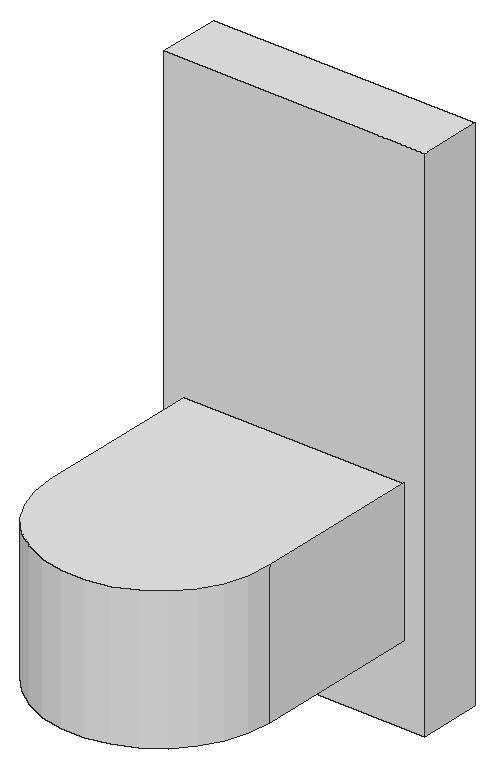
Revit family "2PB_унитаз", category Сантехнические приборы, Revit 2021
Family settings
  Размер круглого соединителя = Использовать диаметр
  Тип детали = Нормальный
  На основе рабочей плоскости = Нет
  Всегда вертикально = Да
  При загрузке вырезать с полостями = Нет
  Общий = Да
  Точка принадлежности помещению = Нет
Parameters (values of type "Унитаз")
  Ширина инсталляции [instance] = 500.00 mm
  Фаянс = ADSK_Керамика_Фарфор белый
  Подключение к горячей воде = no
  Подключение к вентиляции = no
  Отметка по умолчанию = 0.00 mm
  Глубина инсталляции = 120.00 mm
  Высота унитаза = 420.00 mm
  Глубина унитаза = 530.00 mm
  Ширина унитаза = 420.00 mm
  Высота инсталляции = 1000.00 mm
Reference planes
  plane 1 "По центру (Вперед/Назад)": y = 252.345
  plane 2: z = 0
  plane 3: y = 372.345
  plane 4: y = -277.655
  plane 5: x = -284.311
  plane 6: x = 135.689
  plane 7 "Верх столешницы": z = 150
  plane 8: z = 420
  plane 9: x = -74.311
Forms (mm)
  Extrusion 1, solid, material "ADSK_Керамика_Фарфор белый" <- "Фаянс"
    sketch origin (0, 0, 0) x (1, 0, 0) y (0, 1, 0)
      loop
        line (-284.311, 252.345) -> (-284.311, -67.655)
        arc (-284.311, -67.655) -> (-74.311, -277.655) -> (135.689, -67.655) r 210
        line (135.689, -67.655) -> (135.689, 252.345) -> (-284.311, 252.345)
    from 150 to 420
  Extrusion 2, solid, material "ADSK_Керамика_Фарфор белый" <- "Фаянс"
    sketch origin (0, 120, 0) x (1, 0, 0) y (0, 1, 0)
      loop
        line (-324.311, 252.345) -> (-324.311, 132.345) -> (175.689, 132.345) -> (175.689, 252.345) -> (-324.311, 252.345)
    from 0 to 1000 <- "Высота инсталляции"
Lines and regions (mm)
  Masking region 1
    outline origin (0, -170, 150) x (0, -1, 0) y (1, 0, 0)
      loop
        line (-422.345, -284.311) -> (-102.345, -284.311)
        arc (-102.345, -284.311) -> (107.655, -74.311) -> (-102.345, 135.689) r 210
        line (-102.345, 135.689) -> (-422.345, 135.689) -> (-422.345, -284.311)
  Masking region 2
    outline origin (171.463, -210, 150) x (0, -1, 0) y (1, 0, 0)
      loop
        line (-582.345, -495.773) -> (-462.345, -495.773) -> (-462.345, 4.227) -> (-582.345, 4.227) -> (-582.345, -495.773)
  model lines
    curve 1: line (-324.311, 372.345, 420) -> (175.689, 372.345, 420)
    curve 2: line (175.689, 372.345, 420) -> (175.689, 252.345, 420)
    curve 3: line (175.689, 252.345, 420) -> (-324.311, 252.345, 420)
    curve 4: line (-324.311, 252.345, 420) -> (-324.311, 372.345, 420)
    curve 5: line (175.689, 272.345, 420) -> (-324.311, 272.345, 420)
  model lines, detail levels fine
    curve 6: line (85.689, 162.345, 420) -> (-234.311, 162.345, 420)
    curve 7: line (-234.311, 162.345, 420) -> (-234.311, -67.655, 420)
    curve 8: line (85.689, -67.655, 420) -> (85.689, 162.345, 420)
    curve 9: arc (-234.311, -67.655, 420) -> (-74.311, -227.655, 420) -> (85.689, -67.655, 420) r 160
Dimensions and locks
  "Ширина унитаза": plane 5 to plane 6
  "Глубина унитаза": plane 4 to plane 1 "По центру (Вперед/Назад)"
  "Высота унитаза": plane 8 to plane 2
  equal spacing: curve 4, plane 9, curve 2
  locked: curve 5 to curve 3 at 20
  "Глубина инсталляции": plane 1 "По центру (Вперед/Назад)" to plane 3
  "Ширина инсталляции": curve 4 to curve 2
  locked: plane 7 "Верх столешницы" to level at 150
  aligned and locked: plane 6 to Extrusion 1 sketch curve
  aligned and locked: Extrusion 1 sketch curve to plane 5
  aligned and locked: plane 7 "Верх столешницы" to Extrusion 1
  aligned and locked: Extrusion 1 to plane 8
  aligned and locked: plane 6 to Masking region 1 sketch curve
  aligned and locked: Masking region 1 sketch curve to plane 5
  aligned and locked: Masking region 1 to plane 1 "По центру (Вперед/Назад)"
  aligned and locked: plane 5 to Masking region 1
  aligned and locked: Masking region 1 to plane 6
  aligned and locked: plane 1 "По центру (Вперед/Назад)" to Extrusion 1 sketch curve
  aligned and locked: curve 3 to plane 1 "По центру (Вперед/Назад)"
  aligned and locked: Masking region 2 sketch curve to curve 2
  aligned and locked: Masking region 2 sketch curve to curve 4
  aligned and locked: plane 1 "По центру (Вперед/Назад)" to Masking region 2 sketch curve
  aligned and locked: plane 3 to Masking region 2 sketch curve
  aligned and locked: Extrusion 2 sketch curve to curve 2
  aligned and locked: Extrusion 2 sketch curve to curve 4
  aligned and locked: plane 1 "По центру (Вперед/Назад)" to Extrusion 2 sketch curve
  aligned and locked: plane 3 to Extrusion 2 sketch curve
Automatic sketch dimensions
  Extrusion 1 sketch curve to plane 4 = 210.00 mm
  plane 1 "По центру (Вперед/Назад)" to Masking region 1 sketch curve = 0.00 mm
  Masking region 1 sketch curve to plane 4 = 210.00 mm
  curve 6 to Extrusion 1 = 90.00 mm
  curve 5 to curve 2 = 100.00 mm
  radius of curve 9 to Extrusion 1 = 50.00 mm
